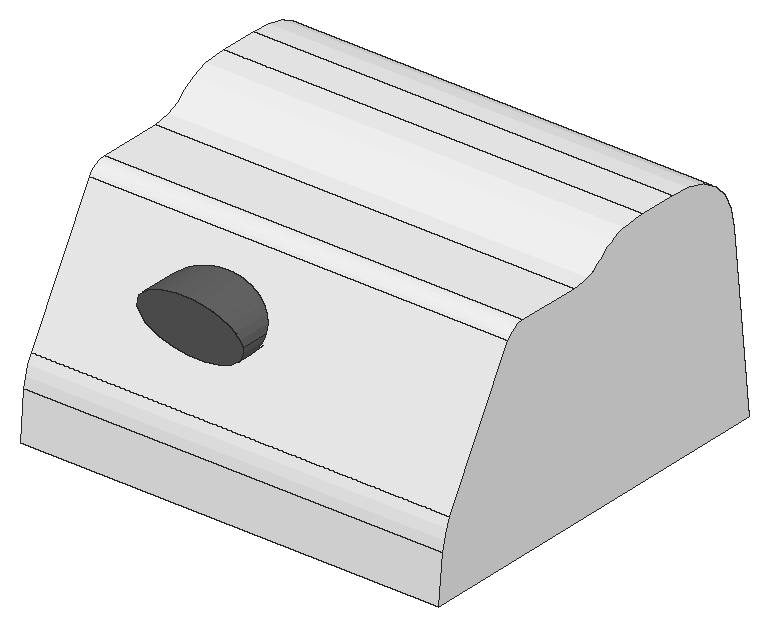
Revit family "Hand_Dryer-Automatic-American_Dryers-EXT_Series", category Specialty Equipment, host Face, Revit 2015
Parameters (values of type "(By Type)")
  Youtube clip = ""
  With Universal Adapter Plate = no
  With Splash Guard = no
  With Recessed Mount = no
  Weight Net (Kg) = "0"
  Watts = 0 W
  Voltage Range = "100V to 240 V"
  Voltage = 0 V
  Void Offset = if(With Recessed Mount, 7", 1/8")  # 1/8"
  Uniformat II Description = ""
  Uniformat II Code = ""
  Uniclass 2015 Name = "Sanitary accessories"
  Uniclass 2015 Code = "Pr_40_20_76"
  Uniclass 2.0 Description = "Air Dryers"
  Uniclass 2.0 Code = "PR-02-03"
  Uniclass 1.4 Description = ""
  Uniclass 1.4 Code = ""
  URL = "http://www.americandryer.com"
  UNSPSC Code = ""
  Technical description = "https://www.americandryer.com/wp-content/uploads/2014/04/ExtremeAir-spec.pdf"
  Region South America = "None"
  Region Oceania = "None"
  Region North America = "US"
  Region Middle East = "None"
  Region Europe = "None"
  Region Asia = "None"
  Region Antarctica = "None"
  Region Africa = "None"
  Recessed Offset = if(With Recessed Mount, 1 5/8", 0")  # 0"
  QR code = "http://bimobject.com/world-dryer/product/hand-dryer-world-dryer-ext-series"
  Product url = "http://www.americandryer.com/hand-dryers/extremeair/"
  Product group = "Extreme Air®"
  Product family = "Hand and Hair Dryers"
  Product data url = "https://bimobject.com/world-dryer/product/hand-dryer-world-dryer-ext-series"
  Product certification = "https://www.americandryer.com/hand-dryers/extremeair-ext/"
  Product SKU = "hand-dryer-world-dryer-ext-series"
  Product Page URL = "http://americandryer.com/extremeair-extreme-guide-2/"
  Product Guid = "5f9eb826-d76b-4158-a706-59365dd51237"
  Product Documentation Link = "http://184.168.180.225/wp-content/uploads/2011/08/ExtremeAir-Spec-Sheet-2011.pdf"
  Power Factor = 1
  OmniClass Description = "Hand Dryers"
  OmniClass Code = "23-31 25 15"
  Number of Poles = 1
  Nominal width = 0"
  Nominal height = 0"
  NBS Reference Description = ""
  NBS Reference Code = ""
  Model = ""
  Material secondary = ""
  Material main = "Steel"
  Masterformat 2014 Description = ""
  Masterformat 2014 Code = ""
  Manufacturer name = "World Dryer"
  Manufacturer country = "United States"
  Manufacturer Phone = "800.485.7003"
  Manufacturer Fax = "734.421.5580"
  Manufacturer Email = "Sales@americandryer.com"
  Manufacturer Address = "33067 Industrial Road, Livonia, MI 48150"
  Manufacturer = "American Dryer"  # constant formula
  Installation instructions = "https://www.americandryer.com/wp-content/uploads/2013/11/8600-72x.pdf"
  IFC Classification = ""
  Edition number = 1
  EAN code = ""
  Design country = "United States"
  Description = "Extreme Air®, high speed hand dryer series."  # constant formula
  Default Elevation = 0"
  Date of publishing = ""
  Case Material = Plastic-American Dryer-Flame Retardant White ABS
  COBIe Type Category = ""
  Brand url = "http://worlddryer.com/"
  Back Offset = (if(With Universal Adapter Plate, 3/64", (5/64" + 3/64")) + Recessed Offset)  # 1/8"
  BIMobject main category code = "sanitary"
  BIMobject main category = "Sanitary"
  BIMobject category code = "sanitary-hand-and-hair-dryers"
  BIMobject category = "Dryers (Hand & Hair)"
  Amperage Range = "4.5 A to 2.3 A"
  Amperage = 0 A
Reference planes (in)
  plane 1 "Center (Front/Back)": y = -53.4375
  plane 2 "Wall Face": z = 0
  plane 3 "Center (Left/Right)": x = 0
  plane 4 "Left": x = -6.375
  plane 5 "Right": x = 6.375
  plane 6 "Top": y = -42.96875
  plane 7 "Bottom": y = -54.84375
  plane 8 "Box Top": y = -44.375
  plane 9 "Box bottom": y = -53.4375
  plane 10: x = -6.09375
  plane 11: x = 6.09375
  plane 12 "Back": z = 0
  plane 13: z = 0.125
  plane 14 "Hand Dryer Back": z = 0
Forms (in)
  Extrusion 1, solid, material "Metal-American Dryer-Steel With White Enamel Finish", visible <- "With Recessed Mount"
    sketch origin (0, 0, 0) x (1, 0, 0) y (0, 1, 0)
      loop
        line (-6.375, -42.96875) -> (-6.375, -54.84375) -> (6.375, -54.84375) -> (6.375, -42.96875) -> (-6.375, -42.96875)
    from 0 to 0.125
  Extrusion 2, void
    sketch origin (0, 0, 0) x (1, 0, 0) y (0, 1, 0)
      loop
        line (-6.09375, -44.375) -> (-6.09375, -53.4375) -> (6.09375, -53.4375) -> (6.09375, -44.375) -> (-6.09375, -44.375)
    from 0.125 to 0
Lines and regions (in)
  Masking region 1, visible <- "With Recessed Mount"
    outline origin (0, -53.4375, 0) x (1, 0, 0) y (0, 0, 1)
      loop
        line (-6.09375, -0.40467) -> (6.09375, -0.40467) -> (6.09375, 0) -> (6.375, 0) -> (6.375, 0.15625) -> (-6.375, 0.15625) -> (-6.375, 0) -> (-6.09375, 0) -> (-6.09375, -0.40467)
  Masking region 2, visible <- "With Universal Adapter Plate"
    outline origin (0, -53.4375, 0) x (1, 0, 0) y (0, 0, 1)
      loop
        line (-6.99991, 0.07813) -> (-6.99991, 0) -> (7, 0) -> (7, 0.07813) -> (-6.99991, 0.07813)
Dimensions and locks (in)
  locked: plane 4 "Left" to plane 5 "Right" at 12.75
  locked: plane 10 to plane 11 at 12.1875
  locked: plane 6 "Top" to plane 7 "Bottom" at 11.875
  locked: plane 13 to plane 2 "Wall Face" at 0.125
  "Void Offset": plane 13 to plane 12 "Back"
  "Back Offset": plane 13 to plane 14 "Hand Dryer Back"
  plane 14 "Hand Dryer Back" to host face = 0"
  locked: plane 8 "Box Top" to plane 9 "Box bottom" at 9.0625
  equal spacing: plane 10, plane 3 "Center (Left/Right)", plane 11
  equal spacing: plane 4 "Left", plane 3 "Center (Left/Right)", plane 5 "Right"
  locked: nested 1 to connector elem at 8.4375
  locked: plane 6 "Top" to plane 8 "Box Top" at 1.40625
  locked: connector elem to plane 9 "Box bottom" at 2.3125
  "Default Elevation": plane 9 "Box bottom" to plane 1 "Center (Front/Back)"
  aligned and locked: plane 2 "Wall Face" to host face
  aligned and locked: level to host face
  aligned and locked: Extrusion 1 sketch curve to plane 6 "Top"
  aligned and locked: plane 4 "Left" to Extrusion 1 sketch curve
  aligned and locked: Extrusion 1 sketch curve to plane 7 "Bottom"
  aligned and locked: plane 5 "Right" to Extrusion 1 sketch curve
  aligned and locked: plane 12 "Back" to Extrusion 2
  aligned and locked: plane 13 to Extrusion 2
  aligned and locked: plane 14 "Hand Dryer Back" to nested 1
  aligned: plane 2 "Wall Face" to nested 2
  aligned: plane 9 "Box bottom" to nested 1
  aligned and locked: nested 2 to nested 1
  aligned and locked: plane 9 "Box bottom" to nested 1
  aligned and locked: plane 13 to Extrusion 1
Automatic sketch dimensions
  host sketch curve to host sketch curve = 37.65704"
  host sketch curve to host sketch curve = 35.0723"
  Extrusion 2 sketch curve to plane 9 "Box bottom" = 0"
  Extrusion 2 sketch curve to plane 10 = 0"
  Extrusion 2 sketch curve to plane 11 = 0"
  Extrusion 2 sketch curve to plane 8 "Box Top" = 0"
  Masking region 1 sketch curve to plane 4 "Left" = 0"
  Masking region 1 sketch curve to plane 10 = 0"
  plane 5 "Right" to Masking region 1 sketch curve = 0"
  Masking region 1 sketch curve to plane 14 "Hand Dryer Back" = 0.40467"
  plane 13 to Masking region 1 sketch curve = 1/32"
  Masking region 1 sketch curve to level = 0"  (x2)
  plane 11 to Masking region 1 sketch curve = 0"
  Masking region 2 sketch curve to plane 4 "Left" = 0.62491"
  Masking region 2 sketch curve to plane 13 = 3/64"
  Masking region 2 sketch curve to plane 5 "Right" = 5/8"
  Masking region 2 sketch curve to level = 0"
Nested families (in)
  nested 1: "Dryer_EXT" at (0, -53.4375, 0) x (1, 0, 0) z (0, 1, 0), type "By Type"
  nested 2: "Universal Adapter Plate" at (0, -48.90625, 0) x (0, 1, 0) z (-1, 0, 0), type "By Type"
Connectors (in)
  electrical at (3.53125, -51.125, 0), driven by "Voltage", driven by "Watts", driven by "Number of Poles", driven by "Power Factor"
    settings: index 1, voltage 0 V, apparent load 0 VA, apparent load phase1 0 VA, apparent load phase2 0 VA, apparent load phase3 0 VA, power factor 1, load classification "Other", number of poles 1, system type 31, power factor state 1, is connector primary yes, connector utility no, sub classification motor no, connector description "Power Supply (50-60Hz)"
Definition of nested family "Dryer_EXT"
  Parameters
    Default Elevation = 48"
    Case Material = none
    Assembly Code = ""
  Reference planes (in)
    plane 1 "Center (Front/Back)": y = 0
    plane 2 "Bottom": z = 0
    plane 3 "Center (Left/Right)": x = 0
    plane 4: z = 9.0625
    plane 5: x = 4.90625
    plane 6: x = -4.90625
    plane 7 "Front": y = -5.625
    plane 8 "Center": z = 4.53125
  Forms (in)
    Extrusion 1, solid, material <- "Case Material"
      sketch origin (0, 0, 0) x (0, 1, 0) y (0, 0, 1)
        loop
          line (0, 9.0625) -> (-4.16184, 8.63742)
          spline (-4.16184, 8.63742) -> (-4.39554, 8.6021) -> (-4.60892, 8.54594) -> (-4.80197, 8.46896) -> (-4.97471, 8.37115) -> (-5.12712, 8.25251) -> (-5.25921, 8.11304) -> (-5.37098, 7.95274) -> (-5.46243, 7.77161) -> (-5.53355, 7.56964) -> (-5.58436, 7.34685) -> (-5.61484, 7.10323) -> (-5.625, 6.83878)
          line (-5.625, 6.83878) -> (-5.625, 5.9724)
          spline (-5.625, 5.9724) -> (-5.61146, 5.68146) -> (-5.57401, 5.44262) -> (-5.51744, 5.24702) -> (-5.44653, 5.08583) -> (-5.36606, 4.95019) -> (-5.28081, 4.83127) -> (-5.19556, 4.7202) -> (-5.1151, 4.60816) -> (-5.04419, 4.48628) -> (-4.98762, 4.34574) -> (-4.95017, 4.17767) -> (-4.93663, 3.97323)
          line (-4.93663, 3.97323) -> (-4.93663, 2.46118)
          arc (-4.93663, 2.46118) -> (-4.86964, 2.21118) -> (-4.68663, 2.02817) r 0.5
          line (-4.68663, 2.02817) -> (-1.74784, 0.33146)
          arc (-1.74784, 0.33146) -> (-1.42324, 0.18693) -> (-1.07568, 0.11306) r 1.69965
          line (-1.07568, 0.11306) -> (0, 0) -> (0, 9.0625)
      from -4.90625 to 4.90625
    Extrusion 2, solid
      sketch origin (0, 0.5, 2.05349) x (0, 1, 0) y (-1, 0, 0)
        loop
          spline (-3.87249, 2.67269) -> (-4.06661, 2.6301) -> (-4.24749, 2.50522) -> (-4.40282, 2.30658) -> (-4.52201, 2.04769) -> (-4.59694, 1.74622) -> (-4.62249, 1.42269) -> (-4.59694, 1.09917) -> (-4.52201, 0.79769) -> (-4.40282, 0.53881) -> (-4.24749, 0.34016) -> (-4.06661, 0.21528) -> (-3.87249, 0.17269)
          spline (-3.87249, 0.17269) -> (-3.67838, 0.21528) -> (-3.49749, 0.34016) -> (-3.34216, 0.53881) -> (-3.22297, 0.79769) -> (-3.14805, 1.09917) -> (-3.12249, 1.42269) -> (-3.14805, 1.74622) -> (-3.22297, 2.04769) -> (-3.34216, 2.30658) -> (-3.49749, 2.50522) -> (-3.67838, 2.6301) -> (-3.87249, 2.67269)
      from 0 to -1.6773
    Extrusion 3, void
      sketch origin (0, 0, 0) x (0, 1, 0) y (0, 0, 1)
        loop
          line (-4.20116, 0.40335) -> (-4.20116, 0.28102) -> (-2.52101, 0.28102) -> (-2.52101, 0.85354) -> (-4.20116, 0.40335)
      from -3.4459 to 0
  Cuts and joins
    Extrusion 3 cuts Extrusion 2
  Lines and regions (in)
    Masking region 1
      outline origin (0, -5.625, 0) x (0, 0, 1) y (-1, 0, 0)
        loop
          line (9.0625, 4.90625) -> (0, 4.90625) -> (0, -4.90625) -> (9.0625, -4.90625) -> (9.0625, 4.90625)
    Masking region 2
      outline origin (0, 0, 0) x (1, 0, 0) y (0, 1, 0)
        loop
          line (-4.90625, 0) -> (-4.72667, -5.14245)
          arc (-4.72667, -5.14245) -> (-4.57431, -5.48467) -> (-4.22698, -5.625) r 0.5
          line (-4.22698, -5.625) -> (4.22698, -5.625)
          arc (4.22698, -5.625) -> (4.57431, -5.48467) -> (4.72667, -5.14245) r 0.5
          line (4.72667, -5.14245) -> (4.90625, 0) -> (-4.90625, 0)
    model lines, detail levels medium+fine
      curve 1: spline (-2.15625, -4.93663, 2.99974) -> (-2.13069, -4.93663, 3.08849) -> (-2.05577, -4.93663, 3.1712) -> (-1.93658, -4.93663, 3.24222) -> (-1.78125, -4.93663, 3.29671) -> (-1.60036, -4.93663, 3.33097) -> (-1.40625, -4.93663, 3.34266) -> (-1.21214, -4.93663, 3.33097) -> (-1.03125, -4.93663, 3.29671) -> (-0.87592, -4.93663, 3.24222) -> (-0.75673, -4.93663, 3.1712) -> (-0.68181, -4.93663, 3.08849) -> (-0.65625, -4.93663, 2.99974) -> (-0.68181, -4.93663, 2.91099) -> (-0.75673, -4.93663, 2.82828) -> (-0.87592, -4.93663, 2.75726) -> (-1.03125, -4.93663, 2.70277) -> (-1.21214, -4.93663, 2.66851) -> (-1.40625, -4.93663, 2.65682) -> (-1.60036, -4.93663, 2.66851) -> (-1.78125, -4.93663, 2.70277) -> (-1.93658, -4.93663, 2.75726) -> (-2.05577, -4.93663, 2.82828) -> (-2.13069, -4.93663, 2.91099) -> (-2.15625, -4.93663, 2.99974)
      curve 128: circle (4.90625, -0.58691, 4.53125) r 0.15766 normal (1, 0, 0)
      curve 130: circle (-4.90625, -0.58691, 4.53125) r 0.15766 normal (1, 0, 0)
    symbolic lines, detail levels fine
      curve 2: spline (-2.15625, -5.625, 2.99974) -> (-2.13069, -5.625, 3.08849) -> (-2.05577, -5.625, 3.1712) -> (-1.93658, -5.625, 3.24222) -> (-1.78125, -5.625, 3.29671) -> (-1.60036, -5.625, 3.33097) -> (-1.40625, -5.625, 3.34266) -> (-1.21214, -5.625, 3.33097) -> (-1.03125, -5.625, 3.29671) -> (-0.87592, -5.625, 3.24222) -> (-0.75673, -5.625, 3.1712) -> (-0.68181, -5.625, 3.08849) -> (-0.65625, -5.625, 2.99974) -> (-0.68181, -5.625, 2.91099) -> (-0.75673, -5.625, 2.82828) -> (-0.87592, -5.625, 2.75726) -> (-1.03125, -5.625, 2.70277) -> (-1.21214, -5.625, 2.66851) -> (-1.40625, -5.625, 2.65682) -> (-1.60036, -5.625, 2.66851) -> (-1.78125, -5.625, 2.70277) -> (-1.93658, -5.625, 2.75726) -> (-2.05577, -5.625, 2.82828) -> (-2.13069, -5.625, 2.91099) -> (-2.15625, -5.625, 2.99974)
      curve 12: line (-2.1865, -5.625, 6.53307) -> (-1.85712, -5.625, 6.53307)
      curve 13: line (-1.95791, -5.625, 6.24769) -> (-2.28728, -5.625, 6.24769)
      curve 14: line (-1.93348, -5.625, 6.31685) -> (-1.95791, -5.625, 6.24769)
      curve 15: line (-2.13056, -5.625, 6.31685) -> (-1.93348, -5.625, 6.31685)
      curve 16: line (-2.11435, -5.625, 6.36275) -> (-2.13056, -5.625, 6.31685)
      curve 17: line (-1.94057, -5.625, 6.36275) -> (-2.11435, -5.625, 6.36275)
      curve 18: line (-1.91797, -5.625, 6.42674) -> (-1.94057, -5.625, 6.36275)
      curve 19: line (-2.09175, -5.625, 6.42674) -> (-1.91797, -5.625, 6.42674)
      curve 20: line (-2.07828, -5.625, 6.46487) -> (-2.09175, -5.625, 6.42674)
      curve 21: line (-1.88121, -5.625, 6.46487) -> (-2.07828, -5.625, 6.46487)
      curve 22: line (-1.85712, -5.625, 6.53307) -> (-1.88121, -5.625, 6.46487)
      curve 23: line (-1.94454, -5.625, 6.66036) -> (-1.6687, -5.625, 6.66036)
      curve 24: line (-1.75589, -5.625, 6.39409) -> (-1.94454, -5.625, 6.66036)
      curve 25: line (-2.05007, -5.625, 6.16732) -> (-1.75589, -5.625, 6.39409)
      curve 26: line (-1.93569, -5.625, 6.16732) -> (-2.05007, -5.625, 6.16732)
      curve 27: line (-1.71549, -5.625, 6.33706) -> (-1.93569, -5.625, 6.16732)
      curve 28: line (-1.59523, -5.625, 6.16732) -> (-1.71549, -5.625, 6.33706)
      curve 29: line (-1.31939, -5.625, 6.16732) -> (-1.59523, -5.625, 6.16732)
      curve 30: line (-1.31939, -5.625, 6.16732) -> (-1.5176, -5.625, 6.44709)
      curve 31: line (-1.5176, -5.625, 6.44709) -> (-1.24093, -5.625, 6.66036)
      curve 32: line (-1.35687, -5.625, 6.66036) -> (-1.24093, -5.625, 6.66036)
      curve 33: line (-1.55855, -5.625, 6.5049) -> (-1.35687, -5.625, 6.66036)
      curve 34: line (-1.6687, -5.625, 6.66036) -> (-1.55855, -5.625, 6.5049)
      curve 35: line (-1.40665, -5.625, 6.53262) -> (-1.03257, -5.625, 6.53262)
      curve 36: line (-1.40665, -5.625, 6.53262) -> (-1.43285, -5.625, 6.45843)
      curve 37: line (-1.43285, -5.625, 6.45843) -> (-1.30637, -5.625, 6.45843)
      curve 38: line (-1.30637, -5.625, 6.45843) -> (-1.37931, -5.625, 6.25189)
      curve 39: line (-1.24712, -5.625, 6.24957) -> (-1.37766, -5.625, 6.24957)
      curve 40: line (-1.17336, -5.625, 6.45843) -> (-1.24712, -5.625, 6.24957)
      curve 41: line (-1.05877, -5.625, 6.45843) -> (-1.17336, -5.625, 6.45843)
      curve 42: line (-1.03257, -5.625, 6.53262) -> (-1.05877, -5.625, 6.45843)
      curve 43: line (-0.97641, -5.625, 6.53385) -> (-0.76775, -5.625, 6.53385)
      curve 44: line (-1.07747, -5.625, 6.24769) -> (-0.97641, -5.625, 6.53385)
      curve 45: line (-0.9413, -5.625, 6.24769) -> (-1.07747, -5.625, 6.24769)
      curve 46: line (-0.90486, -5.625, 6.35085) -> (-0.9413, -5.625, 6.24769)
      curve 47: line (-0.84401, -5.625, 6.35085) -> (-0.90486, -5.625, 6.35085)
      curve 48: arc (-0.80629, -5.625, 6.31546) -> (-0.81677, -5.625, 6.34209) -> (-0.84401, -5.625, 6.35085) r 0.03343
      curve 49: line (-0.82512, -5.625, 6.24769) -> (-0.80629, -5.625, 6.31546)
      curve 50: line (-0.69594, -5.625, 6.24769) -> (-0.82512, -5.625, 6.24769)
      curve 51: line (-0.67726, -5.625, 6.31495) -> (-0.69594, -5.625, 6.24769)
      curve 52: arc (-0.71874, -5.625, 6.37469) -> (-0.68132, -5.625, 6.35641) -> (-0.67726, -5.625, 6.31495) r 0.0427
      curve 53: line (-0.76775, -5.625, 6.53385) -> (-0.71874, -5.625, 6.37469)
      curve 54: line (-0.86485, -5.625, 6.46416) -> (-0.79866, -5.625, 6.46416)
      curve 55: line (-0.88321, -5.625, 6.41217) -> (-0.86485, -5.625, 6.46416)
      curve 56: line (-0.80572, -5.625, 6.41217) -> (-0.88321, -5.625, 6.41217)
      curve 57: line (-0.51873, -5.625, 6.53307) -> (-0.18935, -5.625, 6.53307)
      curve 58: line (-0.61951, -5.625, 6.24769) -> (-0.51873, -5.625, 6.53307)
      curve 59: line (-0.29014, -5.625, 6.24769) -> (-0.61951, -5.625, 6.24769)
      curve 60: line (-0.26571, -5.625, 6.31685) -> (-0.29014, -5.625, 6.24769)
      curve 61: line (-0.46279, -5.625, 6.31685) -> (-0.26571, -5.625, 6.31685)
      curve 62: line (-0.44658, -5.625, 6.36275) -> (-0.46279, -5.625, 6.31685)
      curve 63: line (-0.2728, -5.625, 6.36275) -> (-0.44658, -5.625, 6.36275)
      curve 64: line (-0.2502, -5.625, 6.42674) -> (-0.2728, -5.625, 6.36275)
      curve 65: line (-0.42398, -5.625, 6.42674) -> (-0.2502, -5.625, 6.42674)
      curve 66: line (-0.41051, -5.625, 6.46487) -> (-0.42398, -5.625, 6.42674)
      curve 67: line (-0.21344, -5.625, 6.46487) -> (-0.41051, -5.625, 6.46487)
      curve 68: line (-0.18935, -5.625, 6.53307) -> (-0.21344, -5.625, 6.46487)
      curve 69: line (-0.10501, -5.625, 6.53307) -> (0.05769, -5.625, 6.53307)
      curve 70: line (-0.20579, -5.625, 6.24769) -> (-0.10501, -5.625, 6.53307)
      curve 71: line (-0.08406, -5.625, 6.24769) -> (-0.20579, -5.625, 6.24769)
      curve 72: line (-0.02624, -5.625, 6.44601) -> (-0.08406, -5.625, 6.24769)
      curve 73: line (-0.01302, -5.625, 6.24769) -> (-0.02624, -5.625, 6.44601)
      curve 74: line (0.07989, -5.625, 6.24769) -> (-0.01302, -5.625, 6.24769)
      curve 75: line (0.2219, -5.625, 6.43434) -> (0.07989, -5.625, 6.24769)
      curve 76: line (0.14897, -5.625, 6.24769) -> (0.2219, -5.625, 6.43434)
      curve 77: line (0.27044, -5.625, 6.24769) -> (0.14897, -5.625, 6.24769)
      curve 78: line (0.37123, -5.625, 6.53307) -> (0.27044, -5.625, 6.24769)
      curve 79: line (0.20211, -5.625, 6.53307) -> (0.37123, -5.625, 6.53307)
      curve 80: line (0.0687, -5.625, 6.36214) -> (0.20211, -5.625, 6.53307)
      curve 81: line (0.05769, -5.625, 6.53307) -> (0.0687, -5.625, 6.36214)
      curve 82: line (0.46467, -5.625, 6.53307) -> (0.79404, -5.625, 6.53307)
      curve 83: line (0.36388, -5.625, 6.24769) -> (0.46467, -5.625, 6.53307)
      curve 84: line (0.69325, -5.625, 6.24769) -> (0.36388, -5.625, 6.24769)
      curve 85: line (0.71768, -5.625, 6.31685) -> (0.69325, -5.625, 6.24769)
      curve 86: line (0.5206, -5.625, 6.31685) -> (0.71768, -5.625, 6.31685)
      curve 87: line (0.53681, -5.625, 6.36275) -> (0.5206, -5.625, 6.31685)
      curve 88: line (0.71059, -5.625, 6.36275) -> (0.53681, -5.625, 6.36275)
      curve 89: line (0.73319, -5.625, 6.42674) -> (0.71059, -5.625, 6.36275)
      curve 90: line (0.55941, -5.625, 6.42674) -> (0.73319, -5.625, 6.42674)
      curve 91: line (0.57288, -5.625, 6.46487) -> (0.55941, -5.625, 6.42674)
      curve 92: line (0.76995, -5.625, 6.46487) -> (0.57288, -5.625, 6.46487)
      curve 93: line (0.79404, -5.625, 6.53307) -> (0.76995, -5.625, 6.46487)
      curve 94: line (1.30371, -5.625, 6.66881) -> (1.51794, -5.625, 6.66881)
      curve 95: line (0.93071, -5.625, 6.17244) -> (1.30371, -5.625, 6.66881)
      curve 96: line (1.02688, -5.625, 6.17244) -> (0.93071, -5.625, 6.17244)
      curve 97: line (1.10631, -5.625, 6.27982) -> (1.02688, -5.625, 6.17244)
      curve 98: line (1.3602, -5.625, 6.27982) -> (1.10631, -5.625, 6.27982)
      curve 99: line (1.38246, -5.625, 6.17244) -> (1.3602, -5.625, 6.27982)
      curve 100: line (1.62896, -5.625, 6.17244) -> (1.38246, -5.625, 6.17244)
      curve 101: line (1.51794, -5.625, 6.66881) -> (1.62896, -5.625, 6.17244)
      curve 102: line (1.14366, -5.625, 6.33033) -> (1.3046, -5.625, 6.54791)
      curve 103: line (1.34972, -5.625, 6.33033) -> (1.14366, -5.625, 6.33033)
      curve 104: line (1.3046, -5.625, 6.54791) -> (1.34972, -5.625, 6.33033)
      curve 105: line (1.72634, -5.625, 6.53307) -> (1.85934, -5.625, 6.53307)
      curve 106: line (1.62621, -5.625, 6.24957) -> (1.72634, -5.625, 6.53307)
      curve 107: line (1.75922, -5.625, 6.24957) -> (1.62621, -5.625, 6.24957)
      curve 108: line (1.85934, -5.625, 6.53307) -> (1.75922, -5.625, 6.24957)
      curve 109: line (1.95714, -5.625, 6.53385) -> (2.1658, -5.625, 6.53385)
      curve 110: line (1.85608, -5.625, 6.24769) -> (1.95714, -5.625, 6.53385)
      curve 111: line (1.99226, -5.625, 6.24769) -> (1.85608, -5.625, 6.24769)
      curve 112: line (2.02869, -5.625, 6.35085) -> (1.99226, -5.625, 6.24769)
      curve 113: line (2.08954, -5.625, 6.35085) -> (2.02869, -5.625, 6.35085)
      curve 114: arc (2.12726, -5.625, 6.31546) -> (2.11678, -5.625, 6.34209) -> (2.08954, -5.625, 6.35085) r 0.03343
      curve 115: line (2.10843, -5.625, 6.24769) -> (2.12726, -5.625, 6.31546)
      curve 116: line (2.23761, -5.625, 6.24769) -> (2.10843, -5.625, 6.24769)
      curve 117: line (2.2563, -5.625, 6.31495) -> (2.23761, -5.625, 6.24769)
      curve 118: arc (2.21481, -5.625, 6.37469) -> (2.25224, -5.625, 6.35641) -> (2.2563, -5.625, 6.31495) r 0.0427
      curve 119: line (2.1658, -5.625, 6.53385) -> (2.21481, -5.625, 6.37469)
      curve 120: line (2.05034, -5.625, 6.41217) -> (2.0687, -5.625, 6.46416)
      curve 121: line (2.12784, -5.625, 6.41217) -> (2.05034, -5.625, 6.41217)
      curve 122: line (2.0687, -5.625, 6.46416) -> (2.13489, -5.625, 6.46416)
      curve 123: line (2.12784, -5.625, 6.41217) -> (2.17331, -5.625, 6.44357)
      curve 124: line (2.13489, -5.625, 6.46416) -> (2.17331, -5.625, 6.44357)
      curve 125: line (-0.80572, -5.625, 6.41217) -> (-0.76024, -5.625, 6.44357)
      curve 126: line (-0.79866, -5.625, 6.46416) -> (-0.76024, -5.625, 6.44357)
      curve 127: line (-2.1865, -5.625, 6.53307) -> (-2.28728, -5.625, 6.24769)
      curve 133: circle (0, -0.58691, 4.53125) r 0.10981 normal (1, 0, 0)
    symbolic lines, detail levels medium+fine
      curve 3: line (-2.67269, -5.625, 0.62539) -> (-0.17269, -5.625, 0.62539)
      curve 4: line (-2.67269, -5.625, 0.62539) -> (-2.67269, -5.625, 2.05349)
      curve 5: line (-0.17269, -5.625, 0.62539) -> (-0.17269, -5.625, 2.05349)
      curve 7: line (0, -4.12162, 1.70196) -> (0, -2.61056, 0.82955)
      curve 8: spline (2.37904, -5.625, 6.64708) -> (2.08479, -5.625, 6.69875) -> (1.73881, -5.625, 6.74309) -> (1.34957, -5.625, 6.77902) -> (0.92662, -5.625, 6.80566) -> (0.48032, -5.625, 6.82234) -> (0.02162, -5.625, 6.82867) -> (-0.43824, -5.625, 6.82449) -> (-0.88799, -5.625, 6.8099) -> (-1.31659, -5.625, 6.78526) -> (-1.71355, -5.625, 6.75117) -> (-2.06912, -5.625, 6.70847) -> (-2.3746, -5.625, 6.65821)
      curve 9: arc (-2.3746, -5.625, 6.65821) -> (-2.38933, -5.625, 6.4001) -> (-2.37611, -5.625, 6.1419) r 2.39095
      curve 10: spline (-2.37611, -5.625, 6.1419) -> (-2.07063, -5.625, 6.09156) -> (-1.71492, -5.625, 6.04878) -> (-1.31772, -5.625, 6.01464) -> (-0.88879, -5.625, 5.98995) -> (-0.43866, -5.625, 5.97533) -> (0.02162, -5.625, 5.97114) -> (0.48073, -5.625, 5.97748) -> (0.92741, -5.625, 5.9942) -> (1.35068, -5.625, 6.02088) -> (1.74015, -5.625, 6.05687) -> (2.08625, -5.625, 6.10128) -> (2.38048, -5.625, 6.15303)
      curve 11: arc (2.38048, -5.625, 6.15303) -> (2.39255, -5.625, 6.4001) -> (2.37904, -5.625, 6.64708) r 2.39095
      curve 132: circle (0, -0.58691, 4.53125) r 0.15766 normal (1, 0, 0)
    symbolic lines
      curve 6: line (-4.90625, -5.625, 2.05349) -> (4.90625, -5.625, 2.05349)
    model lines, detail levels fine
      curve 129: circle (4.90625, -0.58691, 4.53125) r 0.10981 normal (1, 0, 0)
      curve 131: circle (-4.90625, -0.58691, 4.53125) r 0.10981 normal (1, 0, 0)
  Dimensions and locks (in)
    equal spacing: plane 5, plane 3 "Center (Left/Right)", plane 6
    locked: plane 5 to plane 6 at 9.8125
    locked: plane 4 to level at 9.0625
    equal spacing: plane 4, plane 8 "Center", level
    aligned and locked: level to plane 2 "Bottom"
    aligned and locked: Extrusion 1 to plane 6
    aligned and locked: plane 5 to Extrusion 1
    aligned and locked: Masking region 2 sketch curve to Extrusion 1
    aligned and locked: plane 4 to Masking region 1 sketch curve
  Automatic sketch dimensions
    plane 7 "Front" to Extrusion 2 sketch curve = 2.25251"
    Extrusion 2 sketch curve to plane 3 "Center (Left/Right)" = 1.42269"
    Extrusion 2 sketch curve to Extrusion 2 sketch curve = 1 1/4"
    level to Extrusion 3 sketch curve = 0.40335"
    plane 7 "Front" to Extrusion 3 sketch curve = 1.42384"
    level to Extrusion 3 sketch curve = 0.28102"
    Extrusion 3 sketch curve to Extrusion 3 sketch curve = 1.68015"
    level to Extrusion 3 sketch curve = 0.85354"
    curve 1 to Extrusion 1 = 0.53856"
    Extrusion 1 to curve 1 = 3 1/2"
    curve 1 to curve 1 = 3/4"
    Masking region 1 sketch curve to level = 0"
    Masking region 1 sketch curve to plane 5 = 0"
    Masking region 1 sketch curve to plane 6 = 0"
    curve 6 to plane 5 = 0"
    curve 6 to plane 6 = 0"
    plane 3 "Center (Left/Right)" to curve 5 = 0.17269"
    curve 5 to level = 0.62539"
    curve 11 to curve 118 = 0.17901"
    curve 10 to curve 25 = 0.02542"
    curve 29 to curve 26 = 0"
    curve 97 to curve 118 = 0.15961"
    curve 99 to curve 96 = 0"
    curve 95 to curve 84 = 0.07525"
    curve 100 to curve 110 = 0.07525"
    curve 78 to plane 3 "Center (Left/Right)" = 0.27044"
    curve 78 to curve 83 = 0"
    curve 26 to curve 13 = 0.08037"
    curve 75 to plane 3 "Center (Left/Right)" = 0.07989"
    curve 75 to curve 76 = 0"
    plane 3 "Center (Left/Right)" to curve 72 = 0.08406"
    curve 72 to curve 73 = 0"
    plane 3 "Center (Left/Right)" to curve 60 = 0.29014"
    curve 60 to curve 70 = 0"
    plane 3 "Center (Left/Right)" to curve 51 = 0.69594"
    curve 51 to curve 58 = 0"
    curve 46 to curve 49 = 0"
    curve 115 to curve 111 = 0"
    curve 29 to curve 40 = 0.08225"
    curve 100 to curve 106 = 0.07713"
    curve 39 to curve 38 = 0.00233"
    curve 96 to curve 98 = 0.10738"
    curve 118 to curve 118 = 0.01709"
    plane 3 "Center (Left/Right)" to curve 51 = 0.67726"
    curve 50 to curve 51 = 0.06726"
    curve 115 to curve 114 = 0.06777"
    plane 3 "Center (Left/Right)" to curve 49 = 0.80629"
    curve 49 to curve 49 = 0.06777"
    curve 13 to curve 15 = 0.06916"
    curve 58 to curve 61 = 0.06916"
    curve 87 to plane 3 "Center (Left/Right)" = 0.5206"
    curve 114 to curve 114 = 0.00225"
    curve 49 to curve 48 = 0.00225"
    curve 98 to curve 103 = 0.0505"
    curve 51 to curve 52 = 0.01709"
    curve 28 to curve 27 = 0.16974"
    curve 114 to curve 113 = 0.03314"
    curve 48 to curve 48 = 0.03314"
    curve 80 to plane 3 "Center (Left/Right)" = 0.0687"
    curve 74 to curve 80 = 0.11445"
    curve 61 to curve 63 = 0.04589"
    curve 87 to plane 3 "Center (Left/Right)" = 0.53681"
    curve 15 to curve 16 = 0.04589"
    curve 118 to curve 118 = 0.04264"
    plane 3 "Center (Left/Right)" to curve 53 = 23/32"
    curve 52 to curve 53 = 0.04264"
    curve 27 to curve 25 = 0.05703"
    curve 10 to curve 8 = 0"  (x2)
    curve 114 to curve 123 = 0.06132"
    plane 3 "Center (Left/Right)" to curve 125 = 0.80572"
    curve 48 to curve 125 = 0.06132"
    curve 87 to curve 90 = 0.06399"
    curve 17 to curve 18 = 0.06399"
    curve 63 to curve 65 = 0.06399"
    curve 75 to plane 3 "Center (Left/Right)" = 0.2219"
    curve 80 to curve 75 = 0.0722"
    plane 3 "Center (Left/Right)" to curve 125 = 0.76024"
    curve 56 to curve 125 = 0.03141"
    curve 121 to curve 124 = 0.03141"
    plane 3 "Center (Left/Right)" to curve 72 = 0.02624"
    curve 27 to curve 31 = 0.11003"
    curve 30 to curve 37 = 0.01134"
    curve 40 to curve 37 = 0"
    plane 3 "Center (Left/Right)" to curve 55 = 0.86485"
    curve 55 to curve 55 = 0.05199"
    curve 123 to curve 124 = 0.02058"
    curve 89 to curve 92 = 0.03814"
    curve 18 to curve 22 = 0.03814"
    plane 3 "Center (Left/Right)" to curve 66 = 0.41051"
    curve 65 to curve 66 = 0.03814"
    curve 30 to curve 33 = 0.0578"
    curve 91 to curve 82 = 0.0682"
    curve 72 to curve 69 = 0.08705"
    curve 20 to curve 12 = 0.0682"
    curve 120 to curve 105 = 0.06891"
    curve 78 to plane 3 "Center (Left/Right)" = 0.37123"
    curve 78 to curve 82 = 0"
    plane 3 "Center (Left/Right)" to curve 68 = 0.18935"
    curve 67 to curve 68 = 0.0682"
    curve 105 to curve 110 = 0.00078"
    plane 3 "Center (Left/Right)" to curve 53 = 0.76775"
    curve 54 to curve 53 = 0.06969"
    curve 103 to curve 102 = 0.21758"
    curve 109 to curve 11 = 0.11324"
    curve 35 to curve 31 = 0.12775"
    curve 12 to curve 23 = 0.12729"
    curve 102 to curve 94 = 0.1209"
    curve 11 to curve 117 = 0.12419"
    curve 117 to curve 116 = 0.01869"
    curve 119 to curve 124 = 0.0415"
    curve 123 to curve 109 = 0.00751"
    curve 123 to curve 124 = 0.03842"
    curve 122 to curve 121 = 0.00705"
    curve 118 to curve 114 = 0.0899"
    curve 114 to curve 115 = 0.01883"
    curve 114 to curve 114 = 0.03335"
    curve 122 to curve 120 = 0.06618"
    curve 120 to curve 120 = 0.01836"
    curve 114 to curve 112 = 0.06085"
    curve 112 to curve 111 = 0.03643"
    curve 120 to curve 109 = 0.11156"
    curve 109 to curve 105 = 0.0978"
    curve 111 to curve 110 = 0.13618"
    curve 110 to curve 107 = 0.09686"
    curve 105 to curve 105 = 0.13301"
    curve 107 to curve 101 = 0.13026"
    curve 100 to curve 106 = 0.00275"
    curve 105 to curve 94 = 0.2084"
    curve 100 to curve 100 = 0.2465"
    curve 99 to curve 99 = 0.02227"
    curve 98 to curve 104 = 0.01047"
    curve 103 to curve 104 = 0.04512"
    curve 102 to curve 94 = 0.00089"
    curve 103 to curve 102 = 0.20606"
    curve 102 to curve 97 = 0.03736"
    curve 97 to curve 96 = 0.07943"
    curve 96 to curve 95 = 0.09617"
    curve 82 to curve 87 = 0.25723"
    curve 82 to curve 93 = 0.02408"
    curve 92 to curve 89 = 0.03676"
    curve 89 to curve 86 = 0.01552"
    curve 85 to curve 89 = 0.00708"
    curve 85 to curve 85 = 0.02443"
    curve 91 to curve 87 = 0.03607"
    curve 91 to curve 91 = 0.01347"
    curve 83 to curve 78 = 0.09343"
    curve 83 to curve 77 = 0.09343"
    curve 75 to curve 80 = 0.0198"
    curve 77 to curve 74 = 0.06908"
    curve 69 to plane 3 "Center (Left/Right)" = 0.05769"
    plane 3 "Center (Left/Right)" to curve 74 = 0.01302"
    plane 3 "Center (Left/Right)" to curve 8 = 0.02564"
    curve 69 to curve 57 = 0.08435"
    curve 70 to curve 59 = 0.08435"
    curve 57 to curve 68 = 0.02408"
    curve 67 to curve 64 = 0.03676"
    curve 61 to curve 59 = 0.02443"
    curve 60 to curve 64 = 0.00708"
    curve 66 to curve 66 = 0.01347"
    curve 65 to curve 62 = 0.0226"
    curve 62 to curve 61 = 0.01621"
    curve 66 to curve 58 = 0.10821"
    curve 58 to curve 50 = 0.07643"
    curve 125 to curve 54 = 0.03842"
    curve 48 to curve 50 = 0.01883"
    curve 49 to curve 48 = 0.03335"
    curve 54 to curve 55 = 0.01836"
    curve 48 to curve 46 = 0.06085"
    curve 46 to curve 45 = 0.03643"
    curve 54 to curve 43 = 0.11156"
    curve 43 to curve 35 = 0.05616"
    curve 35 to curve 41 = 0.0262"
    curve 45 to curve 45 = 0.13618"
    curve 41 to curve 41 = 0.11459"
    curve 40 to curve 31 = 0.06757"
    curve 44 to curve 39 = 0.16965"
    curve 40 to curve 38 = 0.13301"
    curve 39 to curve 29 = 0.07226"
    curve 31 to curve 32 = 0.11594"
    curve 29 to curve 39 = 0.05827"
    plane 3 "Center (Left/Right)" to curve 2 = 1 13/32"
    curve 37 to curve 35 = 0.10029"
    curve 35 to curve 36 = 0.0262"
    curve 30 to curve 34 = 0.04095"
    curve 38 to curve 28 = 0.21592"
    curve 33 to curve 34 = 0.11014"
    curve 28 to curve 27 = 0.12026"
    curve 27 to curve 25 = 0.0404"
    curve 24 to curve 12 = 0.10123"
    curve 12 to curve 22 = 0.02408"
    curve 21 to curve 19 = 0.03676"
    curve 18 to curve 14 = 0.01552"
    curve 14 to curve 27 = 0.00221"
    curve 14 to curve 18 = 0.00708"
    curve 12 to curve 24 = 0.08742"
    curve 14 to curve 13 = 0.02443"
    curve 26 to curve 26 = 0.11438"
    curve 18 to curve 21 = 0.16032"
    curve 20 to curve 20 = 0.01347"
    curve 19 to curve 16 = 0.0226"
    curve 16 to curve 16 = 0.01621"
    curve 2 to curve 2 = 3/4"
    curve 20 to curve 127 = 0.10821"
    curve 4 to plane 6 = 2.23356"
    curve 42 to curve 43 = 0.00123"
    curve 83 to curve 87 = 0.06916"
    curve 85 to curve 89 = 0.04589"
    plane 5 to curve 8 = 1.98917"
    Extrusion 1 sketch curve to plane 7 "Front" = 0"
    Extrusion 1 sketch curve to plane 1 "Center (Front/Back)" = 0"
    Extrusion 1 sketch curve to level = 0"
    Extrusion 1 sketch curve to plane 4 = 0"
    plane 7 "Front" to Extrusion 1 sketch curve = 0.68837"
    Extrusion 1 sketch curve to Extrusion 1 sketch curve = 1/4"  (x2)
    Extrusion 1 sketch curve to plane 4 = 0.42508"
    plane 7 "Front" to Extrusion 1 sketch curve = 1.46316"
    level to Extrusion 1 sketch curve = 0.33146"
    plane 1 "Center (Front/Back)" to Extrusion 1 sketch curve = 1.74784"
    level to Extrusion 1 sketch curve = 0.11306"
    Extrusion 1 sketch curve to Extrusion 1 sketch curve = 0.67216"
    plane 8 "Center" to Extrusion 1 sketch curve = 0.55802"
    Extrusion 1 sketch curve to plane 8 "Center" = 1.44115"
    Extrusion 1 sketch curve to Extrusion 1 sketch curve = 0.86638"
    plane 1 "Center (Front/Back)" to Extrusion 1 sketch curve = 0.89802"
    Extrusion 1 sketch curve to Extrusion 1 sketch curve = 1.94506"
    curve 3 to curve 4 = 1.4281"
    curve 2 to plane 8 "Center" = 1.53151"
    curve 118 to curve 118 = 0.03913"
    Masking region 2 sketch curve to plane 6 = 0"
    Masking region 2 sketch curve to plane 7 "Front" = 0"
    Masking region 2 sketch curve to plane 5 = 0"
    plane 6 to Masking region 2 sketch curve = 0.17958"
    Masking region 2 sketch curve to Masking region 2 sketch curve = 0.4997"
    Masking region 2 sketch curve to plane 5 = 0.67927"
    Masking region 2 sketch curve to plane 5 = 0.17958"
    plane 7 "Front" to Masking region 2 sketch curve = 0.48255"  (x2)
    level to curve 7 = 0.82955"
    plane 1 "Center (Front/Back)" to curve 7 = 2.61056"
    plane 7 "Front" to curve 7 = 1.50338"
    level to curve 7 = 1.70196"
    curve 128 to curve 129 = 0"  (x2)
    curve 129 to Extrusion 1 = 0.58691"
    curve 129 to Extrusion 1 = 4.2176"
    curve 10 to curve 72 = 0.04611"
    plane 3 "Center (Left/Right)" to curve 10 = 0.02564"
    curve 13 to curve 10 = 0.08883"
    curve 9 to curve 11 = 0"  (x2)
    plane 8 "Center" to curve 10 = 1.61065"
    curve 9 to plane 3 "Center (Left/Right)" = 0.00161"
    curve 80 to curve 9 = 0.03096"
    curve 9 to curve 10 = 0.00681"
    curve 8 to curve 10 = 0.53659"
    radius of curve 128 = 0.15766"
    radius of curve 129 = 0.10981"
  Nested families (in)
    nested 1: "Logo" at (0, -5.625, 6.3984), type "By Type", detail levels fine
  Definition of nested family "Logo"
    Parameters
      Default Elevation = 48"
      Assembly Code = ""
    Reference planes (in)
      plane 1 "Center (Front/Back)": y = 0
      plane 2: z = 0
      plane 3 "Center (Left/Right)": x = 0
      plane 4: x = -2.38782
      plane 5: x = 2.38782
    Dimensions and locks (in)
      aligned and locked: plane 2 to level
      aligned and locked: plane 1 "Center (Front/Back)" to import instance
Definition of nested family "Universal Adapter Plate"
  Parameters
    With Universal Adapter Plate = yes
    With Splash Guard = no
    Default Elevation = 48"
    Assembly Code = ""
  Reference planes (in)
    plane 1 "Center (Front/Back)": y = 0
    plane 2 "Center": z = 0
    plane 3 "Center (Left/Right)": x = 0
    plane 4 "Case Bottom": z = -7
  Forms (in)
    Extrusion 1, solid, visible <- "With Universal Adapter Plate"
      sketch origin (0, 0, 0) x (1, 0, 0) y (0, 0, 1)
        loop
          line (8, -7) -> (8, 7) -> (-8, 7) -> (-8, -7) -> (8, -7)
      from 0 to 0.07813
    Extrusion 2, solid, visible <- "With Splash Guard"
      sketch origin (0, 0, 0) x (1, 0, 0) y (0, 0, 1)
        loop
          line (-8, 7) -> (-8, -7) -> (8, -7) -> (8, 7) -> (-8, 7)
      from 0 to 0.07812
  Lines and regions (in)
    Masking region 1, visible <- "With Universal Adapter Plate"
      outline origin (0, -0.07813, 0) x (1, 0, 0) y (0, 0, 1)
        loop
          line (-8, 7) -> (-8, -7) -> (8, -7) -> (8, 7) -> (-8, 7)
    Masking region 2
      outline origin (0, 0, 0) x (1, 0, 0) y (0, 1, 0)
        loop
          line (-8, 0) -> (-8, -0.07813) -> (8, -0.07813) -> (8, 0) -> (-8, 0)
    Masking region 3, visible <- "With Splash Guard"
      outline origin (0, 0, 0) x (1, 0, 0) y (0, 0, 1)
        loop
          line (-8, 7) -> (-8, -7) -> (8, -7) -> (8, 7) -> (-8, 7)
    model lines, visible <- "With Universal Adapter Plate", detail levels fine
      curve 1: circle (-7.60131, -0.07813, 6.60131) r 0.25 normal (0, -1, 0)
      curve 2: circle (7.60131, -0.07813, 6.60131) r 0.25 normal (0, 1, 0)
      curve 3: circle (-7.60131, -0.07813, -6.60131) r 0.25 normal (0, 1, 0)
      curve 4: circle (7.60131, -0.07813, -6.60131) r 0.25 normal (0, -1, 0)
    symbolic lines, visible <- "With Universal Adapter Plate", detail levels fine
      curve 5: circle (-7.60131, -0.07813, 6.60131) r 0.25 normal (0, -1, 0)
      curve 6: circle (7.60131, -0.07813, 6.60131) r 0.25 normal (0, 1, 0)
      curve 7: circle (-7.60131, -0.07813, -6.60131) r 0.25 normal (0, 1, 0)
      curve 8: circle (7.60131, -0.07813, -6.60131) r 0.25 normal (0, -1, 0)
  Dimensions and locks (in)
    equal spacing: Extrusion 1 sketch curve, plane 3 "Center (Left/Right)", Extrusion 1 sketch curve
    locked: Extrusion 1 sketch curve to Extrusion 1 sketch curve at 16
    equal spacing: Extrusion 1 sketch curve, level, Extrusion 1 sketch curve
    locked: Extrusion 1 sketch curve to Extrusion 1 sketch curve at 14
    aligned and locked: plane 2 "Center" to level
    aligned and locked: Masking region 1 sketch curve to Extrusion 1  (x4)
    aligned and locked: Masking region 1 to plane 4 "Case Bottom"
    aligned and locked: Masking region 2 sketch curve to plane 1 "Center (Front/Back)"
    aligned and locked: Masking region 2 sketch curve to Extrusion 1  (x3)
    aligned and locked: plane 4 "Case Bottom" to Extrusion 2 sketch curve
    aligned and locked: Extrusion 2 sketch curve to Extrusion 1  (x3)
    aligned and locked: Extrusion 2 to plane 1 "Center (Front/Back)"
    aligned and locked: Extrusion 2 to Extrusion 1
    aligned and locked: Masking region 3 sketch curve to Extrusion 2  (x4)
